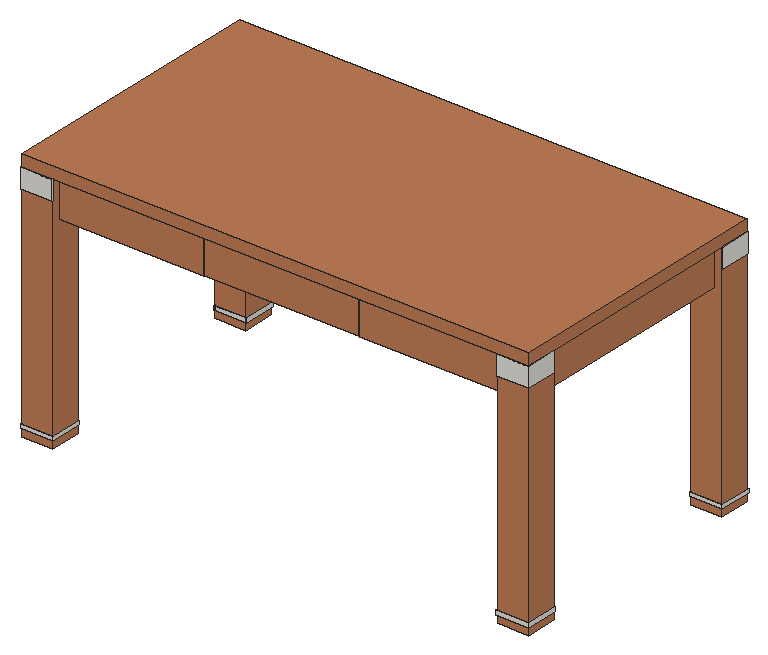
Revit family
Parameters (values of type "KO-Kitchen table DT1510W 01 W1300*D780*H730")
  Assembly Code = ""
  Manufacturer = "BORNEO"
  Model = ""
  Width = 1300 mm
  upper face material = cherry width weak
  support material = cherry width weak
  point material = Chrome, 2
  leg material = cherry length weak
  drawer material = cherry width weak
  Height = 650 mm
  Depth = 700 mm
Reference planes
  plane 1 "중심(앞/뒤)": y = 0
  plane 2: z = 0
  plane 3 "중심(왼쪽/오른쪽)": x = 0
  plane 4: y = 390
  plane 5: y = -310
  plane 6: x = -650
  plane 7: x = 650
  plane 8: x = -570
  plane 9: x = 570
  plane 10: y = 310
  plane 11: y = -230
  plane 12: y = 370
  plane 13: y = 350
  plane 14: y = -270
  plane 15: y = -290
  plane 16: x = -630
  plane 17: x = 630
  plane 18: x = -610
  plane 19: x = 610
  plane 20: x = -197.5
  plane 21: x = 197.5
  plane 22: z = 650
  plane 23: z = 620
  plane 24: z = 530
  plane 25: z = 618
  plane 26: x = -200
  plane 27: x = 200
  plane 28: z = 520
  plane 29: y = 392
  plane 30: y = -312
  plane 31: x = -652
  plane 32: z = 30
  plane 33: z = 20
  plane 34: x = -568
  plane 35: x = 568
  plane 36: y = -228
  plane 37: y = 308
  plane 38: x = -195
  plane 39: x = 195
  plane 40: y = 78
  plane 41: x = 652
Forms (mm)
  Extrusion 1, solid, material "cherry width weak" <- "upper face material"
    sketch origin (0, 0, 0) x (1, 0, 0) y (0, 1, 0)
      loop
        line (-650, 390) -> (-650, -310) -> (650, -310) -> (650, 390) -> (-650, 390)
    from 620 to 650
  Extrusion 2, solid, material "cherry length weak" <- "leg material"
    sketch origin (0, 0, 0) x (1, 0, 0) y (0, 1, 0)
      loop
        line (-650, 390) -> (-650, 310) -> (-570, 310) -> (-570, 390) -> (-650, 390)
      loop
        line (650, 390) -> (570, 390) -> (570, 310) -> (650, 310) -> (650, 390)
      loop
        line (-650, -310) -> (-570, -310) -> (-570, -230) -> (-650, -230) -> (-650, -310)
      loop
        line (650, -310) -> (650, -230) -> (570, -230) -> (570, -310) -> (650, -310)
    from 0 to 620
  Extrusion 3, solid, material "cherry width weak" <- "support material"
    sketch origin (0, 0, 0) x (1, 0, 0) y (0, 1, 0)
      loop
        line (-570, 370) -> (-570, 310) -> (-630, 310) -> (-630, -230) -> (-570, -230) -> (-570, -290) -> (-200, -290) -> (-200, 0) -> (200, 0) -> (200, -290) -> (570, -290) -> (570, -230) -> (630, -230) -> (630, 310) -> (570, 310) -> (570, 370) -> (-570, 370)
    from 520 to 620
  Extrusion 4, solid, material "cherry width weak" <- "drawer material"
    sketch origin (0, 0, 0) x (1, 0, 0) y (0, 1, 0)
      loop
        line (-195, 78) -> (-195, -270) -> (195, -270) -> (195, 78) -> (-195, 78)
    from 530 to 620
  Extrusion 5, solid, material "cherry width weak" <- "drawer material"
    sketch origin (0, 0, 0) x (1, 0, 0) y (0, 1, 0)
      loop
        line (-197.5, -270) -> (-197.5, -290) -> (197.5, -290) -> (197.5, -270) -> (-197.5, -270)
    from 520 to 618
  Extrusion 6, solid, material "Chrome, 2" <- "point material"
    sketch origin (0, 0, 0) x (1, 0, 0) y (0, 1, 0)
      loop
        line (-652, 310) -> (-650, 310) -> (-650, 390) -> (-570, 390) -> (-570, 392) -> (-652, 392) -> (-652, 310)
      loop
        line (652, 310) -> (652, 392) -> (570, 392) -> (570, 390) -> (650, 390) -> (650, 310) -> (652, 310)
      loop
        line (-652, -230) -> (-652, -312) -> (-570, -312) -> (-570, -310) -> (-650, -310) -> (-650, -230) -> (-652, -230)
      loop
        line (652, -230) -> (650, -230) -> (650, -310) -> (570, -310) -> (570, -312) -> (652, -312) -> (652, -230)
    from 570 to 620
  Extrusion 7, solid, material "Chrome, 2" <- "point material"
    sketch origin (0, 0, 0) x (1, 0, 0) y (0, 1, 0)
      loop
        line (-652, -228) -> (-652, -312) -> (-568, -312) -> (-568, -228) -> (-652, -228)
      loop
        line (-650, -230) -> (-650, -310) -> (-570, -310) -> (-570, -230) -> (-650, -230)
      loop
        line (652, -228) -> (568, -228) -> (568, -312) -> (652, -312) -> (652, -228)
      loop
        line (650, -230) -> (570, -230) -> (570, -310) -> (650, -310) -> (650, -230)
      loop
        line (-652, 308) -> (-568, 308) -> (-568, 392) -> (-652, 392) -> (-652, 308)
      loop
        line (-650, 310) -> (-570, 310) -> (-570, 390) -> (-650, 390) -> (-650, 310)
      loop
        line (652, 308) -> (652, 392) -> (568, 392) -> (568, 308) -> (652, 308)
      loop
        line (650, 310) -> (650, 390) -> (570, 390) -> (570, 310) -> (650, 310)
    from 20 to 30
Lines and regions (mm)
  symbolic lines, style "점선", detail levels coarse+medium
    curve 1: line (-650, 390, 0) -> (650, 390, 0)
    curve 2: line (-650, -310, 0) -> (-650, 390, 0)
    curve 3: line (650, -310, 0) -> (-650, -310, 0)
    curve 4: line (650, 390, 0) -> (650, -310, 0)
  symbolic lines, detail levels fine
    curve 5: line (-650, 390, 0) -> (650, 390, 0)
    curve 6: line (-650, -310, 0) -> (-650, 390, 0)
    curve 7: line (650, -310, 0) -> (-650, -310, 0)
    curve 8: line (650, 390, 0) -> (650, -310, 0)
    curve 9: line (-652, 392, 0) -> (-568, 392, 0)
    curve 10: line (-652, 308, 0) -> (-652, 392, 0)
    curve 11: line (-568, 308, 0) -> (-652, 308, 0)
    curve 12: line (-568, 392, 0) -> (-568, 308, 0)
    curve 13: line (568, 392, 0) -> (652, 392, 0)
    curve 14: line (568, 308, 0) -> (568, 392, 0)
    curve 15: line (652, 308, 0) -> (568, 308, 0)
    curve 16: line (652, 392, 0) -> (652, 308, 0)
    curve 17: line (568, -228, 0) -> (652, -228, 0)
    curve 18: line (568, -312, 0) -> (568, -228, 0)
    curve 19: line (652, -312, 0) -> (568, -312, 0)
    curve 20: line (652, -228, 0) -> (652, -312, 0)
    curve 21: line (-652, -228, 0) -> (-568, -228, 0)
    curve 22: line (-652, -312, 0) -> (-652, -228, 0)
    curve 23: line (-568, -312, 0) -> (-652, -312, 0)
    curve 24: line (-568, -228, 0) -> (-568, -312, 0)
    curve 25: line (-652, -230, 0) -> (-570, -230, 0)
    curve 26: line (-570, -230, 0) -> (-570, -312, 0)
    curve 27: line (-652, 310, 0) -> (-570, 310, 0)
    curve 28: line (-570, 392, 0) -> (-570, 310, 0)
    curve 29: line (570, 392, 0) -> (570, 310, 0)
    curve 30: line (570, 310, 0) -> (652, 310, 0)
    curve 31: line (570, -230, 0) -> (652, -230, 0)
    curve 32: line (570, -230, 0) -> (570, -312, 0)
    curve 33: line (-630, 310, 0) -> (-630, -230, 0)
    curve 34: line (570, 370, 0) -> (-570, 370, 0)
    curve 35: line (630, -230, 0) -> (630, 310, 0)
    curve 36: line (-570, -290, 0) -> (-200, -290, 0)
    curve 37: line (-197.5, -290, 0) -> (197.5, -290, 0)
    curve 38: line (200, -290, 0) -> (570, -290, 0)
    curve 39: line (200, 0, 0) -> (200, -290, 0)
    curve 40: line (-200, 0, 0) -> (200, 0, 0)
    curve 41: line (-200, -290, 0) -> (-200, 0, 0)
    curve 42: line (-195, 78, 0) -> (-195, -270, 0)
    curve 43: line (-195, -270, 0) -> (197.5, -270, 0)
    curve 44: line (197.5, -290, 0) -> (197.5, -270, 0)
    curve 45: line (-197.5, -270, 0) -> (-197.5, -290, 0)
    curve 46: line (195, 78, 0) -> (-195, 78, 0)
    curve 47: line (195, -270, 0) -> (195, 78, 0)
Dimensions and locks
  plane 31 to plane 6 to plane 16 to plane 18 to plane 8 to plane 34 = 2 mm, 20 mm, 20 mm, 40 mm, 2 mm
  plane 26 to plane 20 to plane 38 = 2.5 mm, 2.5 mm
  plane 39 to plane 21 to plane 27 = 2.5 mm, 2.5 mm
  plane 35 to plane 9 to plane 19 to plane 17 to plane 7 to plane 41 = 2 mm, 40 mm, 20 mm, 20 mm, 2 mm
  "Width": plane 6 to plane 7
  plane 37 to plane 10 to plane 13 to plane 12 to plane 4 to plane 29 = 2 mm, 40 mm, 20 mm, 20 mm, 2 mm
  plane 30 to plane 5 to plane 15 to plane 14 to plane 11 to plane 36 = 2 mm, 20 mm, 20 mm, 40 mm, 2 mm
  plane 5 to plane 40 to plane 37 = 388 mm, 230 mm
  "Depth": plane 5 to plane 4
  plane 35 to plane 41 = 84 mm
  plane 31 to plane 34 = 84 mm
  plane 34 to plane 20 = 370.5 mm
  equal spacing: plane 20, plane 3 "중심(왼쪽/오른쪽)", plane 21
  plane 21 to plane 35 = 370.5 mm
  locked: plane 22 to plane 23 at 30
  "Height": plane 22 to level
  locked: plane 24 to plane 28 at 10
  locked: plane 25 to plane 24 at 88
  locked: plane 23 to plane 25 at 2
  locked: plane 25 to Extrusion 6 at 48
  locked: plane 20 to plane 21 at 395
  equal spacing: plane 31, plane 3 "중심(왼쪽/오른쪽)", plane 41
  aligned and locked: plane 6 to Extrusion 1 sketch curve
  aligned and locked: Extrusion 1 sketch curve to plane 4
  aligned and locked: plane 5 to Extrusion 1 sketch curve
  aligned and locked: plane 7 to Extrusion 1 sketch curve
  aligned and locked: Extrusion 1 to plane 22
  aligned and locked: plane 23 to Extrusion 1
  aligned and locked: Extrusion 2 sketch curve to Extrusion 1  (x2)
  aligned and locked: plane 10 to Extrusion 2 sketch curve
  aligned and locked: plane 8 to Extrusion 2 sketch curve
  aligned and locked: Extrusion 2 to plane 23
  aligned and locked: plane 12 to Extrusion 3 sketch curve
  aligned and locked: plane 17 to Extrusion 3 sketch curve
  aligned and locked: Extrusion 3 to plane 23
  aligned and locked: plane 28 to Extrusion 3
  aligned and locked: Extrusion 4 to plane 23
  aligned and locked: plane 24 to Extrusion 4
  aligned and locked: plane 14 to Extrusion 4
  aligned and locked: plane 20 to Extrusion 5 sketch curve
  aligned and locked: plane 14 to Extrusion 5 sketch curve
  aligned and locked: plane 15 to Extrusion 5 sketch curve
  aligned and locked: plane 21 to Extrusion 5 sketch curve
  aligned and locked: Extrusion 5 to plane 25
  aligned and locked: plane 28 to Extrusion 5
  aligned and locked: Extrusion 6 to plane 23
  aligned and locked: plane 31 to Extrusion 7 sketch curve
  aligned and locked: plane 36 to Extrusion 7 sketch curve
  aligned and locked: plane 30 to Extrusion 7 sketch curve
  aligned and locked: plane 34 to Extrusion 7 sketch curve
  aligned and locked: Extrusion 7 sketch curve to Extrusion 2  (x3)
  aligned and locked: Extrusion 2 to Extrusion 7 sketch curve
  aligned and locked: plane 33 to Extrusion 7
  aligned and locked: Extrusion 7 to plane 32
  aligned and locked: plane 39 to Extrusion 4
  aligned and locked: plane 38 to Extrusion 4
  aligned and locked: plane 40 to Extrusion 4
  aligned and locked: Extrusion 6 to plane 41
  aligned and locked: Extrusion 7 to Extrusion 6  (x4)
  aligned and locked: curve 4 to Extrusion 1
  aligned and locked: curve 5 to Extrusion 1  (x2)
  aligned and locked: Extrusion 1 to curve 8
  aligned and locked: curve 9 to Extrusion 7  (x2)
  aligned and locked: Extrusion 7 to curve 12
  aligned and locked: curve 12 to Extrusion 7
  aligned and locked: curve 13 to Extrusion 7  (x2)
  aligned and locked: Extrusion 7 to curve 16
  aligned and locked: curve 16 to Extrusion 7
  aligned and locked: curve 17 to Extrusion 7  (x2)
  aligned and locked: Extrusion 7 to curve 20
  aligned and locked: curve 20 to Extrusion 7
  aligned and locked: curve 21 to Extrusion 7  (x2)
  aligned and locked: Extrusion 7 to curve 24
  aligned and locked: curve 24 to Extrusion 7
  aligned and locked: curve 22 to curve 25
  aligned and locked: curve 25 to Extrusion 6
  aligned and locked: curve 26 to Extrusion 2
  aligned and locked: curve 10 to curve 27
  aligned and locked: curve 27 to Extrusion 6
  aligned and locked: curve 9 to curve 28
  aligned and locked: curve 28 to Extrusion 6
  aligned and locked: curve 13 to curve 29
  aligned and locked: curve 29 to Extrusion 6
  aligned and locked: curve 30 to Extrusion 2
  aligned and locked: curve 31 to Extrusion 2  (x2)
  aligned and locked: curve 33 to Extrusion 3
  aligned and locked: curve 34 to Extrusion 3
  aligned and locked: curve 35 to Extrusion 3
  aligned and locked: curve 36 to Extrusion 3
  aligned and locked: Extrusion 5 to curve 37
  aligned and locked: curve 38 to Extrusion 3
  aligned and locked: curve 39 to Extrusion 3
  aligned and locked: curve 40 to Extrusion 3
  aligned and locked: curve 41 to Extrusion 3
  aligned and locked: curve 42 to Extrusion 4
  aligned and locked: curve 43 to Extrusion 4
  aligned and locked: curve 44 to Extrusion 5
  aligned and locked: curve 45 to Extrusion 5
  aligned and locked: curve 46 to Extrusion 4
  aligned and locked: curve 47 to Extrusion 4
Automatic sketch dimensions
  Extrusion 2 sketch curve to plane 6 = 0 mm
  Extrusion 2 sketch curve to plane 8 = 0 mm
  Extrusion 2 sketch curve to plane 4 = 0 mm
  Extrusion 2 sketch curve to plane 9 = 0 mm  (x2)
  Extrusion 2 sketch curve to plane 5 = 0 mm  (x2)
  Extrusion 2 sketch curve to plane 7 = 0 mm  (x2)
  Extrusion 2 sketch curve to plane 11 = 0 mm  (x2)
  Extrusion 2 sketch curve to plane 10 = 0 mm
  Extrusion 3 sketch curve to plane 10 = 0 mm  (x2)
  Extrusion 3 sketch curve to plane 16 = 0 mm
  Extrusion 3 sketch curve to plane 8 = 0 mm  (x2)
  Extrusion 3 sketch curve to plane 1 "중심(앞/뒤)" = 0 mm
  Extrusion 3 sketch curve to plane 26 = 0 mm
  Extrusion 3 sketch curve to plane 15 = 0 mm  (x2)
  Extrusion 3 sketch curve to plane 27 = 0 mm
  Extrusion 3 sketch curve to plane 9 = 0 mm  (x2)
  Extrusion 3 sketch curve to plane 11 = 0 mm  (x2)
  Extrusion 4 sketch curve to plane 14 = 0 mm
  Extrusion 4 sketch curve to plane 38 = 0 mm
  Extrusion 4 sketch curve to plane 39 = 0 mm
  Extrusion 4 sketch curve to plane 40 = 0 mm
  Extrusion 6 sketch curve to plane 10 = 0 mm  (x2)
  Extrusion 6 sketch curve to plane 31 = 0 mm  (x2)
  Extrusion 6 sketch curve to plane 11 = 0 mm  (x2)
  Extrusion 6 sketch curve to plane 5 = 0 mm  (x2)
  Extrusion 6 sketch curve to plane 6 = 0 mm  (x2)
  Extrusion 6 sketch curve to plane 8 = 0 mm  (x2)
  Extrusion 6 sketch curve to plane 9 = 0 mm  (x2)
  Extrusion 6 sketch curve to plane 7 = 0 mm  (x2)
  Extrusion 6 sketch curve to plane 41 = 0 mm  (x2)
  Extrusion 6 sketch curve to plane 30 = 0 mm  (x2)
  Extrusion 6 sketch curve to plane 4 = 0 mm  (x2)
  Extrusion 6 sketch curve to plane 29 = 0 mm  (x2)
  Extrusion 7 sketch curve to plane 29 = 0 mm  (x2)
  Extrusion 7 sketch curve to plane 31 = 0 mm
  Extrusion 7 sketch curve to plane 4 = 0 mm  (x2)
  Extrusion 7 sketch curve to plane 6 = 0 mm
  Extrusion 7 sketch curve to plane 8 = 0 mm
  Extrusion 7 sketch curve to plane 34 = 0 mm
  Extrusion 7 sketch curve to plane 35 = 0 mm  (x2)
  Extrusion 7 sketch curve to plane 30 = 0 mm
  Extrusion 7 sketch curve to plane 9 = 0 mm  (x2)
  Extrusion 7 sketch curve to plane 5 = 0 mm
  Extrusion 7 sketch curve to plane 7 = 0 mm  (x2)
  Extrusion 7 sketch curve to plane 41 = 0 mm  (x2)
  Extrusion 7 sketch curve to plane 36 = 0 mm
  Extrusion 7 sketch curve to plane 11 = 0 mm
  Extrusion 7 sketch curve to plane 37 = 0 mm  (x2)
  Extrusion 7 sketch curve to plane 10 = 0 mm  (x2)
  curve 45 to plane 14 = 0 mm
